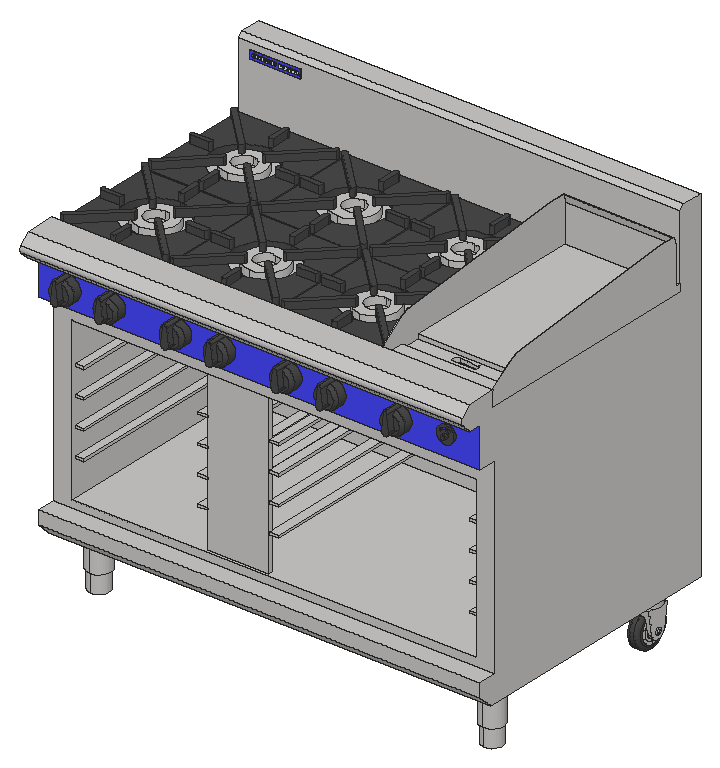
Revit family "QF_MOFFAT_BLUESEAL_CE_G518C-CB", category Specialty Equipment, Revit 2012 (continued)
Definition of nested family "WALDORF LOGO_FACE BASE"
  Forms (mm)
    Extrusion 3, solid, material "QF_Finishes_White", visible <- "Show Logo"
      sketch origin (0, -33.217, 1.588) x (1, 0, 0) y (0, 1, 0)
        loop
          arc (23.862, 22.436) -> (24.723, 23.298) -> (23.862, 24.159) r 0.861
          line (23.862, 24.159) -> (21.449, 24.159)
        loop
          line (21.449, 20.244) -> (21.449, 18.522) -> (23.862, 18.522)
          arc (23.862, 18.522) -> (24.723, 19.383) -> (23.862, 20.244) r 0.861
          line (23.862, 20.244) -> (21.449, 20.244)
      from 0 to 0.2
    Extrusion 4, solid, material "QF_Finishes_Blue", visible <- "Show Logo"
      sketch origin (-126.498, -31.09, 1.588) x (1, 0, 0) y (0, 1, 0)
        loop
          line (136.738, 23.522) -> (136.738, 15.1)
          arc (136.738, 15.1) -> (140.756, 19.311) -> (136.738, 23.522) r 4.216
      from 0 to 0.2
    Extrusion 5, solid, material "QF_Finishes_Red", visible <- "Show Logo"
      sketch origin (146.849, -31.09, 1.588) x (-1, 0, 0) y (0, -1, 0)
        loop
          arc (136.738, -23.522) -> (140.756, -19.311) -> (136.738, -15.1) r 4.216
          line (136.738, -15.1) -> (136.738, -23.522)
      from 0 to 0.2
  Lines and regions (mm)
    Split face 1
      outline origin (-90.35, -30.793, 1.588) x (1, 0, 0) y (0, 1, 0)
        loop
          circle (100.54, 19.013) r 4.536
  Dimensions and locks
    aligned and locked: plane 2 to Extrusion 1
    aligned and locked: level to Extrusion 1
Definition of nested family "GAS BURNER 900 & GRIDDLE 300"
  Parameters (values of type "GAS BURNER 900 & GRIDDLE 300")
    Width [instance] = 1200.0 mm
    Weight in Pounds = 0
    URL Cutsheet = ""
    Type Mark [instance] = ""
    Status [instance] = ""
    Specification by User [instance] = ""
    Specification by Manufacturer = ""
    Serial Number = ""
    Seismic Rating = ""
    SMACNA No = ""
    Revision Code [instance] = ""
    Omniclass Number and Title = ""
    NAFEM Spec ID Number = ""
    Masterspec = ""
    Item Number [instance] = ""
    Installed By [instance] = ""
    Identify Quantity as Lot [instance] = yes
    Furnished By [instance] = ""
    Foodservice Equipment Identifier [instance] = yes
    Depth [instance] = 635.0 mm
    CSI MasterFormat = ""
    CSI Master Format = ""
  Reference planes
    plane 1 "BACK": y = 0
    plane 2: z = 0
    plane 3 "LEFT": x = 0
    plane 4 "RIGHT": x = 1200
    plane 5 "FRONT": y = -635
    plane 6 "TOP": z = 142.5
    plane 7 "Center Y": x = 600
    plane 8 "Center X": y = -317.5
  Dimensions and locks
    equal spacing: plane 3 "LEFT", plane 7 "Center Y", plane 4 "RIGHT"
    "Width": plane 3 "LEFT" to plane 4 "RIGHT"
    equal spacing: plane 5 "FRONT", plane 8 "Center X", plane 1 "BACK"
    "Depth": plane 5 "FRONT" to plane 1 "BACK"
    aligned and locked: level to plane 2
  Nested families
    nested 1: "GAS BURNER 900" at (-1, 0, 0), type "GAS BURNER 900"
      with Width 900.0 mm, Type Mark "", Status "", Specification by User "", Revision Code "", Item Number "", Installed By "", Identify Quantity as Lot yes, Furnished By "", Foodservice Equipment Identifier yes, Depth 635.0 mm
    nested 2: "GAS GRIDDLE PLATE 600" at (900, -15, 0), type "GAS GRIDDLE PLATE 600"
      with Width 300.0 mm, Type Mark "", Status "", Specification by User "", Revision Code "", Item Number "", Installed By "", Identify Quantity as Lot yes, Furnished By "", Foodservice Equipment Identifier yes, Depth 620.0 mm
  Definition of nested family "GAS BURNER 900"
    Parameters (values of type "GAS BURNER 900")
      Width [instance] = 900.0 mm
      Weight in Pounds = 0
      URL Cutsheet = ""
      Type Mark [instance] = ""
      Status [instance] = ""
      Specification by User [instance] = ""
      Specification by Manufacturer = ""
      Serial Number = ""
      Seismic Rating = ""
      SMACNA No = ""
      Revision Code [instance] = ""
      Omniclass Number and Title = ""
      NAFEM Spec ID Number = ""
      Masterspec = ""
      Item Number [instance] = ""
      Installed By [instance] = ""
      Identify Quantity as Lot [instance] = yes
      Furnished By [instance] = ""
      Foodservice Equipment Identifier [instance] = yes
      Depth [instance] = 635.0 mm
      CSI MasterFormat = ""
      CSI Master Format = ""
    Reference planes
      plane 1 "BACK": y = 0
      plane 2: z = 0
      plane 3 "LEFT": x = 0
      plane 4 "RIGHT": x = 900
      plane 5 "FRONT": y = -635
      plane 6 "TOP": z = 142.5
      plane 7 "Center Y": x = 450
      plane 8 "Center X": y = -317.5
    Forms (mm)
      Extrusion 1, solid, material "QF_Finishes_Black"
        sketch origin (0, 0, 0) x (0, -1, 0) y (1, 0, 0)
          loop
            line (318.5, 4) -> (318.5, 296)
            arc (318.5, 296) -> (317.621, 298.121) -> (315.5, 299) r 3
            line (315.5, 299) -> (3, 299)
            arc (3, 299) -> (0.879, 298.121) -> (0, 296) r 3
            line (0, 296) -> (0, 4)
            arc (0, 4) -> (0.879, 1.879) -> (3, 1) r 3
            line (3, 1) -> (315.5, 1)
            arc (315.5, 1) -> (317.621, 1.879) -> (318.5, 4) r 3
          loop
            line (324.5, 1) -> (632, 1)
            arc (632, 1) -> (634.121, 1.879) -> (635, 4) r 3
            line (635, 4) -> (635, 296)
            arc (635, 296) -> (634.121, 298.121) -> (632, 299) r 3
            line (632, 299) -> (324.5, 299)
            arc (324.5, 299) -> (322.379, 298.121) -> (321.5, 296) r 3
            line (321.5, 296) -> (321.5, 4)
            arc (321.5, 4) -> (322.379, 1.879) -> (324.5, 1) r 3
          loop
            circle (168.5, 149.991) r 84.082
          loop
            circle (468.5, 149.991) r 84.082
        from 0 to 19.5
      Extrusion 2, solid, material "QF_Finishes_Black"
        sketch origin (0, 0, 19.5) x (0, -1, 0) y (1, 0, 0)
          loop
            spline (326.102, 15.153) -> (325.181, 13.924) -> (324.631, 12.47) -> (324.49, 10.89) -> (324.767, 9.292) -> (325.443, 7.786) -> (326.473, 6.473) -> (327.786, 5.443) -> (329.292, 4.767) -> (330.89, 4.49) -> (332.47, 4.631) -> (333.924, 5.181) -> (335.153, 6.102)
            line (335.153, 6.102) -> (443.076, 114.025)
            spline (443.076, 114.025) -> (443.837, 115.095) -> (444.238, 116.399) -> (444.251, 117.851) -> (443.875, 119.35) -> (443.137, 120.795) -> (442.086, 122.086) -> (440.795, 123.137) -> (439.35, 123.875) -> (437.851, 124.251) -> (436.399, 124.238) -> (435.095, 123.837) -> (434.025, 123.076)
            line (434.025, 123.076) -> (326.102, 15.153)
          loop
            spline (328.898, 156.4) -> (327.604, 156.182) -> (326.398, 155.543) -> (325.362, 154.525) -> (324.568, 153.2) -> (324.068, 151.656) -> (323.898, 150) -> (324.068, 148.344) -> (324.568, 146.8) -> (325.362, 145.475) -> (326.398, 144.457) -> (327.604, 143.818) -> (328.898, 143.6)
            line (328.898, 143.6) -> (378.102, 143.6)
            spline (378.102, 143.6) -> (379.396, 143.818) -> (380.602, 144.457) -> (381.638, 145.475) -> (382.432, 146.8) -> (382.932, 148.344) -> (383.102, 150) -> (382.932, 151.656) -> (382.432, 153.2) -> (381.638, 154.525) -> (380.602, 155.543) -> (379.396, 156.182) -> (378.102, 156.4)
            line (378.102, 156.4) -> (328.898, 156.4)
          loop
            spline (335.153, 293.898) -> (334.084, 294.659) -> (332.779, 295.059) -> (331.328, 295.072) -> (329.829, 294.697) -> (328.384, 293.959) -> (327.092, 292.908) -> (326.041, 291.616) -> (325.303, 290.171) -> (324.928, 288.672) -> (324.941, 287.221) -> (325.341, 285.916) -> (326.102, 284.847)
            line (326.102, 284.847) -> (434.025, 176.924)
            spline (434.025, 176.924) -> (435.095, 176.163) -> (436.399, 175.762) -> (437.851, 175.749) -> (439.35, 176.125) -> (440.795, 176.863) -> (442.086, 177.914) -> (443.137, 179.205) -> (443.875, 180.65) -> (444.251, 182.149) -> (444.238, 183.601) -> (443.837, 184.905) -> (443.076, 185.975)
            line (443.076, 185.975) -> (335.153, 293.898)
          loop
            line (463.6, 291.102) -> (463.6, 241.898)
            spline (463.6, 241.898) -> (463.818, 240.604) -> (464.457, 239.398) -> (465.475, 238.362) -> (466.8, 237.568) -> (468.344, 237.068) -> (470, 236.898) -> (471.656, 237.068) -> (473.2, 237.568) -> (474.525, 238.362) -> (475.543, 239.398) -> (476.182, 240.604) -> (476.4, 241.898)
            line (476.4, 241.898) -> (476.4, 291.102)
            spline (476.4, 291.102) -> (476.182, 292.396) -> (475.543, 293.602) -> (474.525, 294.638) -> (473.2, 295.432) -> (471.656, 295.932) -> (470, 296.102) -> (468.344, 295.932) -> (466.8, 295.432) -> (465.475, 294.638) -> (464.457, 293.602) -> (463.818, 292.396) -> (463.6, 291.102)
          loop
            spline (612.398, 284.847) -> (613.159, 285.916) -> (613.559, 287.221) -> (613.572, 288.672) -> (613.197, 290.171) -> (612.459, 291.616) -> (611.408, 292.908) -> (610.116, 293.959) -> (608.671, 294.697) -> (607.172, 295.072) -> (605.721, 295.059) -> (604.416, 294.659) -> (603.347, 293.898)
            line (603.347, 293.898) -> (496.924, 185.975)
            spline (496.924, 185.975) -> (496.163, 184.905) -> (495.762, 183.601) -> (495.749, 182.149) -> (496.125, 180.65) -> (496.863, 179.205) -> (497.914, 177.914) -> (499.205, 176.863) -> (500.65, 176.125) -> (502.149, 175.749) -> (503.601, 175.762) -> (504.905, 176.163) -> (505.975, 176.924)
            line (505.975, 176.924) -> (612.398, 284.847)
          loop
            spline (609.602, 143.6) -> (610.896, 143.818) -> (612.102, 144.457) -> (613.138, 145.475) -> (613.932, 146.8) -> (614.432, 148.344) -> (614.602, 150) -> (614.432, 151.656) -> (613.932, 153.2) -> (613.138, 154.525) -> (612.102, 155.543) -> (610.896, 156.182) -> (609.602, 156.4)
            line (609.602, 156.4) -> (561.898, 156.4)
            spline (561.898, 156.4) -> (560.604, 156.182) -> (559.398, 155.543) -> (558.362, 154.525) -> (557.568, 153.2) -> (557.068, 151.656) -> (556.898, 150) -> (557.068, 148.344) -> (557.568, 146.8) -> (558.362, 145.475) -> (559.398, 144.457) -> (560.604, 143.818) -> (561.898, 143.6)
            line (561.898, 143.6) -> (609.602, 143.6)
          loop
            line (612.398, 15.153) -> (505.975, 123.076)
            spline (505.975, 123.076) -> (504.905, 123.837) -> (503.601, 124.238) -> (502.149, 124.251) -> (500.65, 123.875) -> (499.205, 123.137) -> (497.914, 122.086) -> (496.863, 120.795) -> (496.125, 119.35) -> (495.749, 117.851) -> (495.762, 116.399) -> (496.163, 115.095) -> (496.924, 114.025)
            line (496.924, 114.025) -> (603.347, 6.102)
            spline (603.347, 6.102) -> (604.416, 5.341) -> (605.721, 4.941) -> (607.172, 4.928) -> (608.671, 5.303) -> (610.116, 6.041) -> (611.408, 7.092) -> (612.459, 8.384) -> (613.197, 9.829) -> (613.572, 11.328) -> (613.559, 12.779) -> (613.159, 14.084) -> (612.398, 15.153)
          loop
            line (476.4, 8.898) -> (476.4, 58.102)
            spline (476.4, 58.102) -> (476.182, 59.396) -> (475.543, 60.602) -> (474.525, 61.638) -> (473.2, 62.432) -> (471.656, 62.932) -> (470, 63.102) -> (468.344, 62.932) -> (466.8, 62.432) -> (465.475, 61.638) -> (464.457, 60.602) -> (463.818, 59.396) -> (463.6, 58.102)
            line (463.6, 58.102) -> (463.6, 8.898)
            spline (463.6, 8.898) -> (463.818, 7.604) -> (464.457, 6.398) -> (465.475, 5.362) -> (466.8, 4.568) -> (468.344, 4.068) -> (470, 3.898) -> (471.656, 4.068) -> (473.2, 4.568) -> (474.525, 5.362) -> (475.543, 6.398) -> (476.182, 7.604) -> (476.4, 8.898)
          loop
            spline (22.602, 15.153) -> (21.681, 13.924) -> (21.131, 12.47) -> (20.99, 10.89) -> (21.267, 9.292) -> (21.943, 7.786) -> (22.973, 6.473) -> (24.286, 5.443) -> (25.792, 4.767) -> (27.39, 4.49) -> (28.97, 4.631) -> (30.424, 5.181) -> (31.653, 6.102)
            line (31.653, 6.102) -> (139.576, 114.025)
            spline (139.576, 114.025) -> (140.337, 115.095) -> (140.738, 116.399) -> (140.751, 117.851) -> (140.375, 119.35) -> (139.637, 120.795) -> (138.586, 122.086) -> (137.295, 123.137) -> (135.85, 123.875) -> (134.351, 124.251) -> (132.899, 124.238) -> (131.595, 123.837) -> (130.525, 123.076)
            line (130.525, 123.076) -> (22.602, 15.153)
          loop
            spline (25.398, 156.4) -> (24.104, 156.182) -> (22.898, 155.543) -> (21.862, 154.525) -> (21.068, 153.2) -> (20.568, 151.656) -> (20.398, 150) -> (20.568, 148.344) -> (21.068, 146.8) -> (21.862, 145.475) -> (22.898, 144.457) -> (24.104, 143.818) -> (25.398, 143.6)
            line (25.398, 143.6) -> (74.602, 143.6)
            spline (74.602, 143.6) -> (75.896, 143.818) -> (77.102, 144.457) -> (78.138, 145.475) -> (78.932, 146.8) -> (79.432, 148.344) -> (79.602, 150) -> (79.432, 151.656) -> (78.932, 153.2) -> (78.138, 154.525) -> (77.102, 155.543) -> (75.896, 156.182) -> (74.602, 156.4)
            line (74.602, 156.4) -> (25.398, 156.4)
          loop
            spline (31.653, 293.898) -> (30.584, 294.659) -> (29.279, 295.059) -> (27.828, 295.072) -> (26.329, 294.697) -> (24.884, 293.959) -> (23.592, 292.908) -> (22.541, 291.616) -> (21.803, 290.171) -> (21.428, 288.672) -> (21.441, 287.221) -> (21.841, 285.916) -> (22.602, 284.847)
            line (22.602, 284.847) -> (130.525, 176.924)
            spline (130.525, 176.924) -> (131.595, 176.163) -> (132.899, 175.762) -> (134.351, 175.749) -> (135.85, 176.125) -> (137.295, 176.863) -> (138.586, 177.914) -> (139.637, 179.205) -> (140.375, 180.65) -> (140.751, 182.149) -> (140.738, 183.601) -> (140.337, 184.905) -> (139.576, 185.975)
            line (139.576, 185.975) -> (31.653, 293.898)
          loop
            line (160.1, 291.102) -> (160.1, 241.898)
            spline (160.1, 241.898) -> (160.318, 240.604) -> (160.957, 239.398) -> (161.975, 238.362) -> (163.3, 237.568) -> (164.844, 237.068) -> (166.5, 236.898) -> (168.156, 237.068) -> (169.7, 237.568) -> (171.025, 238.362) -> (172.043, 239.398) -> (172.682, 240.604) -> (172.9, 241.898)
            line (172.9, 241.898) -> (172.9, 291.102)
            spline (172.9, 291.102) -> (172.682, 292.396) -> (172.043, 293.602) -> (171.025, 294.638) -> (169.7, 295.432) -> (168.156, 295.932) -> (166.5, 296.102) -> (164.844, 295.932) -> (163.3, 295.432) -> (161.975, 294.638) -> (160.957, 293.602) -> (160.318, 292.396) -> (160.1, 291.102)
          loop
            spline (313.898, 284.847) -> (314.659, 285.916) -> (315.059, 287.221) -> (315.072, 288.672) -> (314.697, 290.171) -> (313.959, 291.616) -> (312.908, 292.908) -> (311.616, 293.959) -> (310.171, 294.697) -> (308.672, 295.072) -> (307.221, 295.059) -> (305.916, 294.659) -> (304.847, 293.898)
            line (304.847, 293.898) -> (193.424, 185.975)
            spline (193.424, 185.975) -> (192.663, 184.905) -> (192.262, 183.601) -> (192.249, 182.149) -> (192.625, 180.65) -> (193.363, 179.205) -> (194.414, 177.914) -> (195.705, 176.863) -> (197.15, 176.125) -> (198.649, 175.749) -> (200.101, 175.762) -> (201.405, 176.163) -> (202.475, 176.924)
            line (202.475, 176.924) -> (313.898, 284.847)
          loop
            spline (311.102, 143.6) -> (312.396, 143.818) -> (313.602, 144.457) -> (314.638, 145.475) -> (315.432, 146.8) -> (315.932, 148.344) -> (316.102, 150) -> (315.932, 151.656) -> (315.432, 153.2) -> (314.638, 154.525) -> (313.602, 155.543) -> (312.396, 156.182) -> (311.102, 156.4)
            line (311.102, 156.4) -> (261.898, 156.4)
            spline (261.898, 156.4) -> (260.604, 156.182) -> (259.398, 155.543) -> (258.362, 154.525) -> (257.568, 153.2) -> (257.068, 151.656) -> (256.898, 150) -> (257.068, 148.344) -> (257.568, 146.8) -> (258.362, 145.475) -> (259.398, 144.457) -> (260.604, 143.818) -> (261.898, 143.6)
            line (261.898, 143.6) -> (311.102, 143.6)
          loop
            line (313.898, 15.153) -> (202.475, 123.076)
            spline (202.475, 123.076) -> (201.405, 123.837) -> (200.101, 124.238) -> (198.649, 124.251) -> (197.15, 123.875) -> (195.705, 123.137) -> (194.414, 122.086) -> (193.363, 120.795) -> (192.625, 119.35) -> (192.249, 117.851) -> (192.262, 116.399) -> (192.663, 115.095) -> (193.424, 114.025)
            line (193.424, 114.025) -> (304.847, 6.102)
            spline (304.847, 6.102) -> (305.916, 5.341) -> (307.221, 4.941) -> (308.672, 4.928) -> (310.171, 5.303) -> (311.616, 6.041) -> (312.908, 7.092) -> (313.959, 8.384) -> (314.697, 9.829) -> (315.072, 11.328) -> (315.059, 12.779) -> (314.659, 14.084) -> (313.898, 15.153)
          loop
            line (172.9, 8.898) -> (172.9, 58.102)
            spline (172.9, 58.102) -> (172.682, 59.396) -> (172.043, 60.602) -> (171.025, 61.638) -> (169.7, 62.432) -> (168.156, 62.932) -> (166.5, 63.102) -> (164.844, 62.932) -> (163.3, 62.432) -> (161.975, 61.638) -> (160.957, 60.602) -> (160.318, 59.396) -> (160.1, 58.102)
            line (160.1, 58.102) -> (160.1, 8.898)
            spline (160.1, 8.898) -> (160.318, 7.604) -> (160.957, 6.398) -> (161.975, 5.362) -> (163.3, 4.568) -> (164.844, 4.068) -> (166.5, 3.898) -> (168.156, 4.068) -> (169.7, 4.568) -> (171.025, 5.362) -> (172.043, 6.398) -> (172.682, 7.604) -> (172.9, 8.898)
        from 0 to 20.5
      Extrusion 3, solid, material "QF_Finishes_Stainless Steel"
        sketch origin (0, -15.098, 0) x (0, -1, 0) y (1, 0, 0)
          loop
            circle (151.402, 150) r 57
          loop
            circle (451.402, 150) r 57
          loop
            circle (151.402, 150) r 30
          loop
            circle (451.402, 150) r 30
        from 0 to 20
      Extrusion 4, solid, material "QF_Finishes_Black"
        sketch origin (600, 0, 0) x (0, -1, 0) y (1, 0, 0)
          loop
            arc (318.5, -4) -> (317.621, -1.879) -> (315.5, -1) r 3
            line (315.5, -1) -> (3, -1)
            arc (3, -1) -> (0.879, -1.879) -> (0, -4) r 3
            line (0, -4) -> (0, -296)
            arc (0, -296) -> (0.879, -298.121) -> (3, -299) r 3
            line (3, -299) -> (315.5, -299)
            arc (315.5, -299) -> (317.621, -298.121) -> (318.5, -296) r 3
            line (318.5, -296) -> (318.5, -4)
          loop
            arc (324.5, -1) -> (322.379, -1.879) -> (321.5, -4) r 3
            line (321.5, -4) -> (321.5, -296)
            arc (321.5, -296) -> (322.379, -298.121) -> (324.5, -299) r 3
            line (324.5, -299) -> (632, -299)
            arc (632, -299) -> (634.121, -298.121) -> (635, -296) r 3
            line (635, -296) -> (635, -4)
            arc (635, -4) -> (634.121, -1.879) -> (632, -1) r 3
            line (632, -1) -> (324.5, -1)
          loop
            circle (168.5, -149.991) r 84.082
          loop
            circle (468.5, -149.991) r 84.082
        from 0 to 19.5
      Extrusion 5, solid, material "QF_Finishes_Black"
        sketch origin (600, 0, 19.5) x (0, -1, 0) y (1, 0, 0)
          loop
            line (326.102, -15.153) -> (434.025, -123.076)
            spline (434.025, -123.076) -> (435.095, -123.837) -> (436.399, -124.238) -> (437.851, -124.251) -> (439.35, -123.875) -> (440.795, -123.137) -> (442.086, -122.086) -> (443.137, -120.795) -> (443.875, -119.35) -> (444.251, -117.851) -> (444.238, -116.399) -> (443.837, -115.095) -> (443.076, -114.025)
            line (443.076, -114.025) -> (335.153, -6.102)
            spline (335.153, -6.102) -> (333.924, -5.181) -> (332.47, -4.631) -> (330.89, -4.49) -> (329.292, -4.767) -> (327.786, -5.443) -> (326.473, -6.473) -> (325.443, -7.786) -> (324.767, -9.292) -> (324.49, -10.89) -> (324.631, -12.47) -> (325.181, -13.924) -> (326.102, -15.153)
          loop
            line (328.898, -156.4) -> (378.102, -156.4)
            spline (378.102, -156.4) -> (379.396, -156.182) -> (380.602, -155.543) -> (381.638, -154.525) -> (382.432, -153.2) -> (382.932, -151.656) -> (383.102, -150) -> (382.932, -148.344) -> (382.432, -146.8) -> (381.638, -145.475) -> (380.602, -144.457) -> (379.396, -143.818) -> (378.102, -143.6)
            line (378.102, -143.6) -> (328.898, -143.6)
            spline (328.898, -143.6) -> (327.604, -143.818) -> (326.398, -144.457) -> (325.362, -145.475) -> (324.568, -146.8) -> (324.068, -148.344) -> (323.898, -150) -> (324.068, -151.656) -> (324.568, -153.2) -> (325.362, -154.525) -> (326.398, -155.543) -> (327.604, -156.182) -> (328.898, -156.4)
          loop
            line (335.153, -293.898) -> (443.076, -185.975)
            spline (443.076, -185.975) -> (443.837, -184.905) -> (444.238, -183.601) -> (444.251, -182.149) -> (443.875, -180.65) -> (443.137, -179.205) -> (442.086, -177.914) -> (440.795, -176.863) -> (439.35, -176.125) -> (437.851, -175.749) -> (436.399, -175.762) -> (435.095, -176.163) -> (434.025, -176.924)
            line (434.025, -176.924) -> (326.102, -284.847)
            spline (326.102, -284.847) -> (325.341, -285.916) -> (324.941, -287.221) -> (324.928, -288.672) -> (325.303, -290.171) -> (326.041, -291.616) -> (327.092, -292.908) -> (328.384, -293.959) -> (329.829, -294.697) -> (331.328, -295.072) -> (332.779, -295.059) -> (334.084, -294.659) -> (335.153, -293.898)
          loop
            spline (463.6, -291.102) -> (463.818, -292.396) -> (464.457, -293.602) -> (465.475, -294.638) -> (466.8, -295.432) -> (468.344, -295.932) -> (470, -296.102) -> (471.656, -295.932) -> (473.2, -295.432) -> (474.525, -294.638) -> (475.543, -293.602) -> (476.182, -292.396) -> (476.4, -291.102)
            line (476.4, -291.102) -> (476.4, -241.898)
            spline (476.4, -241.898) -> (476.182, -240.604) -> (475.543, -239.398) -> (474.525, -238.362) -> (473.2, -237.568) -> (471.656, -237.068) -> (470, -236.898) -> (468.344, -237.068) -> (466.8, -237.568) -> (465.475, -238.362) -> (464.457, -239.398) -> (463.818, -240.604) -> (463.6, -241.898)
            line (463.6, -241.898) -> (463.6, -291.102)
          loop
            line (612.398, -284.847) -> (505.975, -176.924)
            spline (505.975, -176.924) -> (504.905, -176.163) -> (503.601, -175.762) -> (502.149, -175.749) -> (500.65, -176.125) -> (499.205, -176.863) -> (497.914, -177.914) -> (496.863, -179.205) -> (496.125, -180.65) -> (495.749, -182.149) -> (495.762, -183.601) -> (496.163, -184.905) -> (496.924, -185.975)
            line (496.924, -185.975) -> (603.347, -293.898)
            spline (603.347, -293.898) -> (604.416, -294.659) -> (605.721, -295.059) -> (607.172, -295.072) -> (608.671, -294.697) -> (610.116, -293.959) -> (611.408, -292.908) -> (612.459, -291.616) -> (613.197, -290.171) -> (613.572, -288.672) -> (613.559, -287.221) -> (613.159, -285.916) -> (612.398, -284.847)
          loop
            line (609.602, -143.6) -> (561.898, -143.6)
            spline (561.898, -143.6) -> (560.604, -143.818) -> (559.398, -144.457) -> (558.362, -145.475) -> (557.568, -146.8) -> (557.068, -148.344) -> (556.898, -150) -> (557.068, -151.656) -> (557.568, -153.2) -> (558.362, -154.525) -> (559.398, -155.543) -> (560.604, -156.182) -> (561.898, -156.4)
            line (561.898, -156.4) -> (609.602, -156.4)
            spline (609.602, -156.4) -> (610.896, -156.182) -> (612.102, -155.543) -> (613.138, -154.525) -> (613.932, -153.2) -> (614.432, -151.656) -> (614.602, -150) -> (614.432, -148.344) -> (613.932, -146.8) -> (613.138, -145.475) -> (612.102, -144.457) -> (610.896, -143.818) -> (609.602, -143.6)
          loop
            spline (612.398, -15.153) -> (613.159, -14.084) -> (613.559, -12.779) -> (613.572, -11.328) -> (613.197, -9.829) -> (612.459, -8.384) -> (611.408, -7.092) -> (610.116, -6.041) -> (608.671, -5.303) -> (607.172, -4.928) -> (605.721, -4.941) -> (604.416, -5.341) -> (603.347, -6.102)
            line (603.347, -6.102) -> (496.924, -114.025)
            spline (496.924, -114.025) -> (496.163, -115.095) -> (495.762, -116.399) -> (495.749, -117.851) -> (496.125, -119.35) -> (496.863, -120.795) -> (497.914, -122.086) -> (499.205, -123.137) -> (500.65, -123.875) -> (502.149, -124.251) -> (503.601, -124.238) -> (504.905, -123.837) -> (505.975, -123.076)
            line (505.975, -123.076) -> (612.398, -15.153)
          loop
            spline (476.4, -8.898) -> (476.182, -7.604) -> (475.543, -6.398) -> (474.525, -5.362) -> (473.2, -4.568) -> (471.656, -4.068) -> (470, -3.898) -> (468.344, -4.068) -> (466.8, -4.568) -> (465.475, -5.362) -> (464.457, -6.398) -> (463.818, -7.604) -> (463.6, -8.898)
            line (463.6, -8.898) -> (463.6, -58.102)
            spline (463.6, -58.102) -> (463.818, -59.396) -> (464.457, -60.602) -> (465.475, -61.638) -> (466.8, -62.432) -> (468.344, -62.932) -> (470, -63.102) -> (471.656, -62.932) -> (473.2, -62.432) -> (474.525, -61.638) -> (475.543, -60.602) -> (476.182, -59.396) -> (476.4, -58.102)
            line (476.4, -58.102) -> (476.4, -8.898)
          loop
            line (22.602, -15.153) -> (130.525, -123.076)
            spline (130.525, -123.076) -> (131.595, -123.837) -> (132.899, -124.238) -> (134.351, -124.251) -> (135.85, -123.875) -> (137.295, -123.137) -> (138.586, -122.086) -> (139.637, -120.795) -> (140.375, -119.35) -> (140.751, -117.851) -> (140.738, -116.399) -> (140.337, -115.095) -> (139.576, -114.025)
            line (139.576, -114.025) -> (31.653, -6.102)
            spline (31.653, -6.102) -> (30.424, -5.181) -> (28.97, -4.631) -> (27.39, -4.49) -> (25.792, -4.767) -> (24.286, -5.443) -> (22.973, -6.473) -> (21.943, -7.786) -> (21.267, -9.292) -> (20.99, -10.89) -> (21.131, -12.47) -> (21.681, -13.924) -> (22.602, -15.153)
          loop
            line (25.398, -156.4) -> (74.602, -156.4)
            spline (74.602, -156.4) -> (75.896, -156.182) -> (77.102, -155.543) -> (78.138, -154.525) -> (78.932, -153.2) -> (79.432, -151.656) -> (79.602, -150) -> (79.432, -148.344) -> (78.932, -146.8) -> (78.138, -145.475) -> (77.102, -144.457) -> (75.896, -143.818) -> (74.602, -143.6)
            line (74.602, -143.6) -> (25.398, -143.6)
            spline (25.398, -143.6) -> (24.104, -143.818) -> (22.898, -144.457) -> (21.862, -145.475) -> (21.068, -146.8) -> (20.568, -148.344) -> (20.398, -150) -> (20.568, -151.656) -> (21.068, -153.2) -> (21.862, -154.525) -> (22.898, -155.543) -> (24.104, -156.182) -> (25.398, -156.4)
          loop
            line (31.653, -293.898) -> (139.576, -185.975)
            spline (139.576, -185.975) -> (140.337, -184.905) -> (140.738, -183.601) -> (140.751, -182.149) -> (140.375, -180.65) -> (139.637, -179.205) -> (138.586, -177.914) -> (137.295, -176.863) -> (135.85, -176.125) -> (134.351, -175.749) -> (132.899, -175.762) -> (131.595, -176.163) -> (130.525, -176.924)
            line (130.525, -176.924) -> (22.602, -284.847)
            spline (22.602, -284.847) -> (21.841, -285.916) -> (21.441, -287.221) -> (21.428, -288.672) -> (21.803, -290.171) -> (22.541, -291.616) -> (23.592, -292.908) -> (24.884, -293.959) -> (26.329, -294.697) -> (27.828, -295.072) -> (29.279, -295.059) -> (30.584, -294.659) -> (31.653, -293.898)
          loop
            spline (160.1, -291.102) -> (160.318, -292.396) -> (160.957, -293.602) -> (161.975, -294.638) -> (163.3, -295.432) -> (164.844, -295.932) -> (166.5, -296.102) -> (168.156, -295.932) -> (169.7, -295.432) -> (171.025, -294.638) -> (172.043, -293.602) -> (172.682, -292.396) -> (172.9, -291.102)
            line (172.9, -291.102) -> (172.9, -241.898)
            spline (172.9, -241.898) -> (172.682, -240.604) -> (172.043, -239.398) -> (171.025, -238.362) -> (169.7, -237.568) -> (168.156, -237.068) -> (166.5, -236.898) -> (164.844, -237.068) -> (163.3, -237.568) -> (161.975, -238.362) -> (160.957, -239.398) -> (160.318, -240.604) -> (160.1, -241.898)
            line (160.1, -241.898) -> (160.1, -291.102)
          loop
            line (313.898, -284.847) -> (202.475, -176.924)
            spline (202.475, -176.924) -> (201.405, -176.163) -> (200.101, -175.762) -> (198.649, -175.749) -> (197.15, -176.125) -> (195.705, -176.863) -> (194.414, -177.914) -> (193.363, -179.205) -> (192.625, -180.65) -> (192.249, -182.149) -> (192.262, -183.601) -> (192.663, -184.905) -> (193.424, -185.975)
            line (193.424, -185.975) -> (304.847, -293.898)
            spline (304.847, -293.898) -> (305.916, -294.659) -> (307.221, -295.059) -> (308.672, -295.072) -> (310.171, -294.697) -> (311.616, -293.959) -> (312.908, -292.908) -> (313.959, -291.616) -> (314.697, -290.171) -> (315.072, -288.672) -> (315.059, -287.221) -> (314.659, -285.916) -> (313.898, -284.847)
          loop
            line (311.102, -143.6) -> (261.898, -143.6)
            spline (261.898, -143.6) -> (260.604, -143.818) -> (259.398, -144.457) -> (258.362, -145.475) -> (257.568, -146.8) -> (257.068, -148.344) -> (256.898, -150) -> (257.068, -151.656) -> (257.568, -153.2) -> (258.362, -154.525) -> (259.398, -155.543) -> (260.604, -156.182) -> (261.898, -156.4)
            line (261.898, -156.4) -> (311.102, -156.4)
            spline (311.102, -156.4) -> (312.396, -156.182) -> (313.602, -155.543) -> (314.638, -154.525) -> (315.432, -153.2) -> (315.932, -151.656) -> (316.102, -150) -> (315.932, -148.344) -> (315.432, -146.8) -> (314.638, -145.475) -> (313.602, -144.457) -> (312.396, -143.818) -> (311.102, -143.6)
          loop
            spline (313.898, -15.153) -> (314.659, -14.084) -> (315.059, -12.779) -> (315.072, -11.328) -> (314.697, -9.829) -> (313.959, -8.384) -> (312.908, -7.092) -> (311.616, -6.041) -> (310.171, -5.303) -> (308.672, -4.928) -> (307.221, -4.941) -> (305.916, -5.341) -> (304.847, -6.102)
            line (304.847, -6.102) -> (193.424, -114.025)
            spline (193.424, -114.025) -> (192.663, -115.095) -> (192.262, -116.399) -> (192.249, -117.851) -> (192.625, -119.35) -> (193.363, -120.795) -> (194.414, -122.086) -> (195.705, -123.137) -> (197.15, -123.875) -> (198.649, -124.251) -> (200.101, -124.238) -> (201.405, -123.837) -> (202.475, -123.076)
            line (202.475, -123.076) -> (313.898, -15.153)
          loop
            spline (172.9, -8.898) -> (172.682, -7.604) -> (172.043, -6.398) -> (171.025, -5.362) -> (169.7, -4.568) -> (168.156, -4.068) -> (166.5, -3.898) -> (164.844, -4.068) -> (163.3, -4.568) -> (161.975, -5.362) -> (160.957, -6.398) -> (160.318, -7.604) -> (160.1, -8.898)
            line (160.1, -8.898) -> (160.1, -58.102)
            spline (160.1, -58.102) -> (160.318, -59.396) -> (160.957, -60.602) -> (161.975, -61.638) -> (163.3, -62.432) -> (164.844, -62.932) -> (166.5, -63.102) -> (168.156, -62.932) -> (169.7, -62.432) -> (171.025, -61.638) -> (172.043, -60.602) -> (172.682, -59.396) -> (172.9, -58.102)
            line (172.9, -58.102) -> (172.9, -8.898)
        from 0 to 20.5
      Extrusion 6, solid, material "QF_Finishes_Stainless Steel"
        sketch origin (600, -15.098, 0) x (0, -1, 0) y (1, 0, 0)
          loop
            circle (151.402, -150) r 57
          loop
            circle (451.402, -150) r 57
          loop
            circle (151.402, -150) r 30
          loop
            circle (451.402, -150) r 30
        from 0 to 20
      Extrusion 7, solid, material "QF_Finishes_Black"
        sketch origin (901, 0, 19.5) x (0, -1, 0) y (1, 0, 0)
          loop
            line (326.102, -15.153) -> (434.025, -123.076)
            spline (434.025, -123.076) -> (435.095, -123.837) -> (436.399, -124.238) -> (437.851, -124.251) -> (439.35, -123.875) -> (440.795, -123.137) -> (442.086, -122.086) -> (443.137, -120.795) -> (443.875, -119.35) -> (444.251, -117.851) -> (444.238, -116.399) -> (443.837, -115.095) -> (443.076, -114.025)
            line (443.076, -114.025) -> (335.153, -6.102)
            spline (335.153, -6.102) -> (333.924, -5.181) -> (332.47, -4.631) -> (330.89, -4.49) -> (329.292, -4.767) -> (327.786, -5.443) -> (326.473, -6.473) -> (325.443, -7.786) -> (324.767, -9.292) -> (324.49, -10.89) -> (324.631, -12.47) -> (325.181, -13.924) -> (326.102, -15.153)
          loop
            line (328.898, -156.4) -> (378.102, -156.4)
            spline (378.102, -156.4) -> (379.396, -156.182) -> (380.602, -155.543) -> (381.638, -154.525) -> (382.432, -153.2) -> (382.932, -151.656) -> (383.102, -150) -> (382.932, -148.344) -> (382.432, -146.8) -> (381.638, -145.475) -> (380.602, -144.457) -> (379.396, -143.818) -> (378.102, -143.6)
            line (378.102, -143.6) -> (328.898, -143.6)
            spline (328.898, -143.6) -> (327.604, -143.818) -> (326.398, -144.457) -> (325.362, -145.475) -> (324.568, -146.8) -> (324.068, -148.344) -> (323.898, -150) -> (324.068, -151.656) -> (324.568, -153.2) -> (325.362, -154.525) -> (326.398, -155.543) -> (327.604, -156.182) -> (328.898, -156.4)
          loop
            line (335.153, -293.898) -> (443.076, -185.975)
            spline (443.076, -185.975) -> (443.837, -184.905) -> (444.238, -183.601) -> (444.251, -182.149) -> (443.875, -180.65) -> (443.137, -179.205) -> (442.086, -177.914) -> (440.795, -176.863) -> (439.35, -176.125) -> (437.851, -175.749) -> (436.399, -175.762) -> (435.095, -176.163) -> (434.025, -176.924)
            line (434.025, -176.924) -> (326.102, -284.847)
            spline (326.102, -284.847) -> (325.341, -285.916) -> (324.941, -287.221) -> (324.928, -288.672) -> (325.303, -290.171) -> (326.041, -291.616) -> (327.092, -292.908) -> (328.384, -293.959) -> (329.829, -294.697) -> (331.328, -295.072) -> (332.779, -295.059) -> (334.084, -294.659) -> (335.153, -293.898)
          loop
            spline (463.6, -291.102) -> (463.818, -292.396) -> (464.457, -293.602) -> (465.475, -294.638) -> (466.8, -295.432) -> (468.344, -295.932) -> (470, -296.102) -> (471.656, -295.932) -> (473.2, -295.432) -> (474.525, -294.638) -> (475.543, -293.602) -> (476.182, -292.396) -> (476.4, -291.102)
            line (476.4, -291.102) -> (476.4, -241.898)
            spline (476.4, -241.898) -> (476.182, -240.604) -> (475.543, -239.398) -> (474.525, -238.362) -> (473.2, -237.568) -> (471.656, -237.068) -> (470, -236.898) -> (468.344, -237.068) -> (466.8, -237.568) -> (465.475, -238.362) -> (464.457, -239.398) -> (463.818, -240.604) -> (463.6, -241.898)
            line (463.6, -241.898) -> (463.6, -291.102)
          loop
            line (612.398, -284.847) -> (505.975, -176.924)
            spline (505.975, -176.924) -> (504.905, -176.163) -> (503.601, -175.762) -> (502.149, -175.749) -> (500.65, -176.125) -> (499.205, -176.863) -> (497.914, -177.914) -> (496.863, -179.205) -> (496.125, -180.65) -> (495.749, -182.149) -> (495.762, -183.601) -> (496.163, -184.905) -> (496.924, -185.975)
            line (496.924, -185.975) -> (603.347, -293.898)
            spline (603.347, -293.898) -> (604.416, -294.659) -> (605.721, -295.059) -> (607.172, -295.072) -> (608.671, -294.697) -> (610.116, -293.959) -> (611.408, -292.908) -> (612.459, -291.616) -> (613.197, -290.171) -> (613.572, -288.672) -> (613.559, -287.221) -> (613.159, -285.916) -> (612.398, -284.847)
          loop
            line (609.602, -143.6) -> (561.898, -143.6)
            spline (561.898, -143.6) -> (560.604, -143.818) -> (559.398, -144.457) -> (558.362, -145.475) -> (557.568, -146.8) -> (557.068, -148.344) -> (556.898, -150) -> (557.068, -151.656) -> (557.568, -153.2) -> (558.362, -154.525) -> (559.398, -155.543) -> (560.604, -156.182) -> (561.898, -156.4)
            line (561.898, -156.4) -> (609.602, -156.4)
            spline (609.602, -156.4) -> (610.896, -156.182) -> (612.102, -155.543) -> (613.138, -154.525) -> (613.932, -153.2) -> (614.432, -151.656) -> (614.602, -150) -> (614.432, -148.344) -> (613.932, -146.8) -> (613.138, -145.475) -> (612.102, -144.457) -> (610.896, -143.818) -> (609.602, -143.6)
          loop
            spline (612.398, -15.153) -> (613.159, -14.084) -> (613.559, -12.779) -> (613.572, -11.328) -> (613.197, -9.829) -> (612.459, -8.384) -> (611.408, -7.092) -> (610.116, -6.041) -> (608.671, -5.303) -> (607.172, -4.928) -> (605.721, -4.941) -> (604.416, -5.341) -> (603.347, -6.102)
            line (603.347, -6.102) -> (496.924, -114.025)
            spline (496.924, -114.025) -> (496.163, -115.095) -> (495.762, -116.399) -> (495.749, -117.851) -> (496.125, -119.35) -> (496.863, -120.795) -> (497.914, -122.086) -> (499.205, -123.137) -> (500.65, -123.875) -> (502.149, -124.251) -> (503.601, -124.238) -> (504.905, -123.837) -> (505.975, -123.076)
            line (505.975, -123.076) -> (612.398, -15.153)
          loop
            spline (476.4, -8.898) -> (476.182, -7.604) -> (475.543, -6.398) -> (474.525, -5.362) -> (473.2, -4.568) -> (471.656, -4.068) -> (470, -3.898) -> (468.344, -4.068) -> (466.8, -4.568) -> (465.475, -5.362) -> (464.457, -6.398) -> (463.818, -7.604) -> (463.6, -8.898)
            line (463.6, -8.898) -> (463.6, -58.102)
            spline (463.6, -58.102) -> (463.818, -59.396) -> (464.457, -60.602) -> (465.475, -61.638) -> (466.8, -62.432) -> (468.344, -62.932) -> (470, -63.102) -> (471.656, -62.932) -> (473.2, -62.432) -> (474.525, -61.638) -> (475.543, -60.602) -> (476.182, -59.396) -> (476.4, -58.102)
            line (476.4, -58.102) -> (476.4, -8.898)
          loop
            line (22.602, -15.153) -> (130.525, -123.076)
            spline (130.525, -123.076) -> (131.595, -123.837) -> (132.899, -124.238) -> (134.351, -124.251) -> (135.85, -123.875) -> (137.295, -123.137) -> (138.586, -122.086) -> (139.637, -120.795) -> (140.375, -119.35) -> (140.751, -117.851) -> (140.738, -116.399) -> (140.337, -115.095) -> (139.576, -114.025)
            line (139.576, -114.025) -> (31.653, -6.102)
            spline (31.653, -6.102) -> (30.424, -5.181) -> (28.97, -4.631) -> (27.39, -4.49) -> (25.792, -4.767) -> (24.286, -5.443) -> (22.973, -6.473) -> (21.943, -7.786) -> (21.267, -9.292) -> (20.99, -10.89) -> (21.131, -12.47) -> (21.681, -13.924) -> (22.602, -15.153)
          loop
            line (25.398, -156.4) -> (74.602, -156.4)
            spline (74.602, -156.4) -> (75.896, -156.182) -> (77.102, -155.543) -> (78.138, -154.525) -> (78.932, -153.2) -> (79.432, -151.656) -> (79.602, -150) -> (79.432, -148.344) -> (78.932, -146.8) -> (78.138, -145.475) -> (77.102, -144.457) -> (75.896, -143.818) -> (74.602, -143.6)
            line (74.602, -143.6) -> (25.398, -143.6)
            spline (25.398, -143.6) -> (24.104, -143.818) -> (22.898, -144.457) -> (21.862, -145.475) -> (21.068, -146.8) -> (20.568, -148.344) -> (20.398, -150) -> (20.568, -151.656) -> (21.068, -153.2) -> (21.862, -154.525) -> (22.898, -155.543) -> (24.104, -156.182) -> (25.398, -156.4)
          loop
            line (31.653, -293.898) -> (139.576, -185.975)
            spline (139.576, -185.975) -> (140.337, -184.905) -> (140.738, -183.601) -> (140.751, -182.149) -> (140.375, -180.65) -> (139.637, -179.205) -> (138.586, -177.914) -> (137.295, -176.863) -> (135.85, -176.125) -> (134.351, -175.749) -> (132.899, -175.762) -> (131.595, -176.163) -> (130.525, -176.924)
            line (130.525, -176.924) -> (22.602, -284.847)
            spline (22.602, -284.847) -> (21.841, -285.916) -> (21.441, -287.221) -> (21.428, -288.672) -> (21.803, -290.171) -> (22.541, -291.616) -> (23.592, -292.908) -> (24.884, -293.959) -> (26.329, -294.697) -> (27.828, -295.072) -> (29.279, -295.059) -> (30.584, -294.659) -> (31.653, -293.898)
          loop
            spline (160.1, -291.102) -> (160.318, -292.396) -> (160.957, -293.602) -> (161.975, -294.638) -> (163.3, -295.432) -> (164.844, -295.932) -> (166.5, -296.102) -> (168.156, -295.932) -> (169.7, -295.432) -> (171.025, -294.638) -> (172.043, -293.602) -> (172.682, -292.396) -> (172.9, -291.102)
            line (172.9, -291.102) -> (172.9, -241.898)
            spline (172.9, -241.898) -> (172.682, -240.604) -> (172.043, -239.398) -> (171.025, -238.362) -> (169.7, -237.568) -> (168.156, -237.068) -> (166.5, -236.898) -> (164.844, -237.068) -> (163.3, -237.568) -> (161.975, -238.362) -> (160.957, -239.398) -> (160.318, -240.604) -> (160.1, -241.898)
            line (160.1, -241.898) -> (160.1, -291.102)
          loop
            line (313.898, -284.847) -> (202.475, -176.924)
            spline (202.475, -176.924) -> (201.405, -176.163) -> (200.101, -175.762) -> (198.649, -175.749) -> (197.15, -176.125) -> (195.705, -176.863) -> (194.414, -177.914) -> (193.363, -179.205) -> (192.625, -180.65) -> (192.249, -182.149) -> (192.262, -183.601) -> (192.663, -184.905) -> (193.424, -185.975)
            line (193.424, -185.975) -> (304.847, -293.898)
            spline (304.847, -293.898) -> (305.916, -294.659) -> (307.221, -295.059) -> (308.672, -295.072) -> (310.171, -294.697) -> (311.616, -293.959) -> (312.908, -292.908) -> (313.959, -291.616) -> (314.697, -290.171) -> (315.072, -288.672) -> (315.059, -287.221) -> (314.659, -285.916) -> (313.898, -284.847)
          loop
            line (311.102, -143.6) -> (261.898, -143.6)
            spline (261.898, -143.6) -> (260.604, -143.818) -> (259.398, -144.457) -> (258.362, -145.475) -> (257.568, -146.8) -> (257.068, -148.344) -> (256.898, -150) -> (257.068, -151.656) -> (257.568, -153.2) -> (258.362, -154.525) -> (259.398, -155.543) -> (260.604, -156.182) -> (261.898, -156.4)
            line (261.898, -156.4) -> (311.102, -156.4)
            spline (311.102, -156.4) -> (312.396, -156.182) -> (313.602, -155.543) -> (314.638, -154.525) -> (315.432, -153.2) -> (315.932, -151.656) -> (316.102, -150) -> (315.932, -148.344) -> (315.432, -146.8) -> (314.638, -145.475) -> (313.602, -144.457) -> (312.396, -143.818) -> (311.102, -143.6)
          loop
            spline (313.898, -15.153) -> (314.659, -14.084) -> (315.059, -12.779) -> (315.072, -11.328) -> (314.697, -9.829) -> (313.959, -8.384) -> (312.908, -7.092) -> (311.616, -6.041) -> (310.171, -5.303) -> (308.672, -4.928) -> (307.221, -4.941) -> (305.916, -5.341) -> (304.847, -6.102)
            line (304.847, -6.102) -> (193.424, -114.025)
            spline (193.424, -114.025) -> (192.663, -115.095) -> (192.262, -116.399) -> (192.249, -117.851) -> (192.625, -119.35) -> (193.363, -120.795) -> (194.414, -122.086) -> (195.705, -123.137) -> (197.15, -123.875) -> (198.649, -124.251) -> (200.101, -124.238) -> (201.405, -123.837) -> (202.475, -123.076)
            line (202.475, -123.076) -> (313.898, -15.153)
          loop
            spline (172.9, -8.898) -> (172.682, -7.604) -> (172.043, -6.398) -> (171.025, -5.362) -> (169.7, -4.568) -> (168.156, -4.068) -> (166.5, -3.898) -> (164.844, -4.068) -> (163.3, -4.568) -> (161.975, -5.362) -> (160.957, -6.398) -> (160.318, -7.604) -> (160.1, -8.898)
            line (160.1, -8.898) -> (160.1, -58.102)
            spline (160.1, -58.102) -> (160.318, -59.396) -> (160.957, -60.602) -> (161.975, -61.638) -> (163.3, -62.432) -> (164.844, -62.932) -> (166.5, -63.102) -> (168.156, -62.932) -> (169.7, -62.432) -> (171.025, -61.638) -> (172.043, -60.602) -> (172.682, -59.396) -> (172.9, -58.102)
            line (172.9, -58.102) -> (172.9, -8.898)
        from 0 to 20.5
      Extrusion 8, solid, material "QF_Finishes_Stainless Steel"
        sketch origin (901, -15.098, 0) x (0, -1, 0) y (1, 0, 0)
          loop
            circle (151.402, -150) r 57
          loop
            circle (451.402, -150) r 57
          loop
            circle (151.402, -150) r 30
          loop
            circle (451.402, -150) r 30
        from 0 to 20
      Extrusion 9, solid, material "QF_Finishes_Black"
        sketch origin (901, 0, 0) x (0, -1, 0) y (1, 0, 0)
          loop
            arc (318.5, -4) -> (317.621, -1.879) -> (315.5, -1) r 3
            line (315.5, -1) -> (3, -1)
            arc (3, -1) -> (0.879, -1.879) -> (0, -4) r 3
            line (0, -4) -> (0, -296)
            arc (0, -296) -> (0.879, -298.121) -> (3, -299) r 3
            line (3, -299) -> (315.5, -299)
            arc (315.5, -299) -> (317.621, -298.121) -> (318.5, -296) r 3
            line (318.5, -296) -> (318.5, -4)
          loop
            arc (324.5, -1) -> (322.379, -1.879) -> (321.5, -4) r 3
            line (321.5, -4) -> (321.5, -296)
            arc (321.5, -296) -> (322.379, -298.121) -> (324.5, -299) r 3
            line (324.5, -299) -> (632, -299)
            arc (632, -299) -> (634.121, -298.121) -> (635, -296) r 3
            line (635, -296) -> (635, -4)
            arc (635, -4) -> (634.121, -1.879) -> (632, -1) r 3
            line (632, -1) -> (324.5, -1)
          loop
            circle (168.5, -149.991) r 84.082
          loop
            circle (468.5, -149.991) r 84.082
        from 0 to 19.5
      Extrusion 10, solid, material "QF_Finishes_Stainless Steel"
        sketch origin (901, -15.098, 0) x (0, -1, 0) y (1, 0, 0)
          loop
            circle (151.402, -150) r 57
          loop
            circle (451.402, -150) r 57
          loop
            circle (151.402, -150) r 30
          loop
            circle (451.402, -150) r 30
        from 0 to 20
    Lines and regions (mm)
      symbolic lines
        curve 1: line (284.847, -22.602, 0) -> (176.924, -130.525, 0)
        curve 2: spline (176.924, -130.525, 0) -> (176.163, -131.595, 0) -> (175.762, -132.899, 0) -> (175.749, -134.351, 0) -> (176.125, -135.85, 0) -> (176.863, -137.295, 0) -> (177.914, -138.586, 0) -> (179.205, -139.637, 0) -> (180.65, -140.375, 0) -> (182.149, -140.751, 0) -> (183.601, -140.738, 0) -> (184.905, -140.337, 0) -> (185.975, -139.576, 0)
        curve 3: line (185.975, -139.576, 0) -> (293.898, -31.653, 0)
        curve 4: spline (293.898, -31.653, 0) -> (294.659, -30.584, 0) -> (295.059, -29.279, 0) -> (295.072, -27.828, 0) -> (294.697, -26.329, 0) -> (293.959, -24.884, 0) -> (292.908, -23.592, 0) -> (291.616, -22.541, 0) -> (290.171, -21.803, 0) -> (288.672, -21.428, 0) -> (287.221, -21.441, 0) -> (285.916, -21.841, 0) -> (284.847, -22.602, 0)
        curve 5: line (291.102, -160.1, 0) -> (241.898, -160.1, 0)
        curve 6: spline (241.898, -160.1, 0) -> (240.604, -160.318, 0) -> (239.398, -160.957, 0) -> (238.362, -161.975, 0) -> (237.568, -163.3, 0) -> (237.068, -164.844, 0) -> (236.898, -166.5, 0) -> (237.068, -168.156, 0) -> (237.568, -169.7, 0) -> (238.362, -171.025, 0) -> (239.398, -172.043, 0) -> (240.604, -172.682, 0) -> (241.898, -172.9, 0)
        curve 7: line (241.898, -172.9, 0) -> (291.102, -172.9, 0)
        curve 8: spline (291.102, -172.9, 0) -> (292.396, -172.682, 0) -> (293.602, -172.043, 0) -> (294.638, -171.025, 0) -> (295.432, -169.7, 0) -> (295.932, -168.156, 0) -> (296.102, -166.5, 0) -> (295.932, -164.844, 0) -> (295.432, -163.3, 0) -> (294.638, -161.975, 0) -> (293.602, -160.957, 0) -> (292.396, -160.318, 0) -> (291.102, -160.1, 0)
        curve 9: line (306.102, -31.653, 0) -> (414.025, -139.576, 0)
        curve 10: spline (414.025, -139.576, 0) -> (415.095, -140.337, 0) -> (416.399, -140.738, 0) -> (417.851, -140.751, 0) -> (419.35, -140.375, 0) -> (420.795, -139.637, 0) -> (422.086, -138.586, 0) -> (423.137, -137.295, 0) -> (423.875, -135.85, 0) -> (424.251, -134.351, 0) -> (424.238, -132.899, 0) -> (423.837, -131.595, 0) -> (423.076, -130.525, 0)
        curve 11: line (423.076, -130.525, 0) -> (315.153, -22.602, 0)
        curve 12: spline (315.153, -22.602, 0) -> (314.084, -21.841, 0) -> (312.779, -21.441, 0) -> (311.328, -21.428, 0) -> (309.829, -21.803, 0) -> (308.384, -22.541, 0) -> (307.092, -23.592, 0) -> (306.041, -24.884, 0) -> (305.303, -26.329, 0) -> (304.928, -27.828, 0) -> (304.941, -29.279, 0) -> (305.341, -30.584, 0) -> (306.102, -31.653, 0)
        curve 13: line (443.6, -25.398, 0) -> (443.6, -74.602, 0)
        curve 14: spline (443.6, -74.602, 0) -> (443.818, -75.896, 0) -> (444.457, -77.102, 0) -> (445.475, -78.138, 0) -> (446.8, -78.932, 0) -> (448.344, -79.432, 0) -> (450, -79.602, 0) -> (451.656, -79.432, 0) -> (453.2, -78.932, 0) -> (454.525, -78.138, 0) -> (455.543, -77.102, 0) -> (456.182, -75.896, 0) -> (456.4, -74.602, 0)
        curve 15: line (456.4, -74.602, 0) -> (456.4, -25.398, 0)
        curve 16: spline (456.4, -25.398, 0) -> (456.182, -24.104, 0) -> (455.543, -22.898, 0) -> (454.525, -21.862, 0) -> (453.2, -21.068, 0) -> (451.656, -20.568, 0) -> (450, -20.398, 0) -> (448.344, -20.568, 0) -> (446.8, -21.068, 0) -> (445.475, -21.862, 0) -> (444.457, -22.898, 0) -> (443.818, -24.104, 0) -> (443.6, -25.398, 0)
        curve 17: line (584.847, -22.602, 0) -> (476.924, -130.525, 0)
        curve 18: spline (476.924, -130.525, 0) -> (476.163, -131.595, 0) -> (475.762, -132.899, 0) -> (475.749, -134.351, 0) -> (476.125, -135.85, 0) -> (476.863, -137.295, 0) -> (477.914, -138.586, 0) -> (479.205, -139.637, 0) -> (480.65, -140.375, 0) -> (482.149, -140.751, 0) -> (483.601, -140.738, 0) -> (484.905, -140.337, 0) -> (485.975, -139.576, 0)
        curve 19: line (485.975, -139.576, 0) -> (593.898, -31.653, 0)
        curve 20: spline (593.898, -31.653, 0) -> (594.819, -30.424, 0) -> (595.369, -28.97, 0) -> (595.51, -27.39, 0) -> (595.233, -25.792, 0) -> (594.557, -24.286, 0) -> (593.527, -22.973, 0) -> (592.214, -21.943, 0) -> (590.708, -21.267, 0) -> (589.11, -20.99, 0) -> (587.53, -21.131, 0) -> (586.076, -21.681, 0) -> (584.847, -22.602, 0)
        curve 21: line (591.102, -160.1, 0) -> (541.898, -160.1, 0)
        curve 22: spline (541.898, -160.1, 0) -> (540.604, -160.318, 0) -> (539.398, -160.957, 0) -> (538.362, -161.975, 0) -> (537.568, -163.3, 0) -> (537.068, -164.844, 0) -> (536.898, -166.5, 0) -> (537.068, -168.156, 0) -> (537.568, -169.7, 0) -> (538.362, -171.025, 0) -> (539.398, -172.043, 0) -> (540.604, -172.682, 0) -> (541.898, -172.9, 0)
        curve 23: line (541.898, -172.9, 0) -> (591.102, -172.9, 0)
        curve 24: spline (591.102, -172.9, 0) -> (592.396, -172.682, 0) -> (593.602, -172.043, 0) -> (594.638, -171.025, 0) -> (595.432, -169.7, 0) -> (595.932, -168.156, 0) -> (596.102, -166.5, 0) -> (595.932, -164.844, 0) -> (595.432, -163.3, 0) -> (594.638, -161.975, 0) -> (593.602, -160.957, 0) -> (592.396, -160.318, 0) -> (591.102, -160.1, 0)
        curve 25: line (593.898, -304.847, 0) -> (485.975, -193.424, 0)
        curve 26: spline (485.975, -193.424, 0) -> (484.905, -192.663, 0) -> (483.601, -192.262, 0) -> (482.149, -192.249, 0) -> (480.65, -192.625, 0) -> (479.205, -193.363, 0) -> (477.914, -194.414, 0) -> (476.863, -195.705, 0) -> (476.125, -197.15, 0) -> (475.749, -198.649, 0) -> (475.762, -200.101, 0) -> (476.163, -201.405, 0) -> (476.924, -202.475, 0)
        curve 27: line (476.924, -202.475, 0) -> (584.847, -313.898, 0)
        curve 28: spline (584.847, -313.898, 0) -> (585.916, -314.659, 0) -> (587.221, -315.059, 0) -> (588.672, -315.072, 0) -> (590.171, -314.697, 0) -> (591.616, -313.959, 0) -> (592.908, -312.908, 0) -> (593.959, -311.616, 0) -> (594.697, -310.171, 0) -> (595.072, -308.672, 0) -> (595.059, -307.221, 0) -> (594.659, -305.916, 0) -> (593.898, -304.847, 0)
        curve 29: arc (450, -223.5, 0) -> (468.725, -220.336, 0) -> (485.372, -211.197, 0) r 57
        curve 30: arc (450, -109.5, 0) -> (431.183, -112.696, 0) -> (414.475, -121.924, 0) r 57
        curve 31: arc (450.009, -84.418, 0) -> (478.534, -89.404, 0) -> (503.676, -103.773, 0) r 84.082
        curve 32: arc (450.009, -252.582, 0) -> (420.453, -247.216, 0) -> (394.669, -231.803, 0) r 84.082
        curve 33: arc (450, -136.5, 0) -> (480, -166.5, 0) -> (450, -196.5, 0) r 30
        curve 34: arc (450, -196.5, 0) -> (420, -166.5, 0) -> (450, -136.5, 0) r 30
        curve 35: arc (150, -223.5, 0) -> (168.725, -220.336, 0) -> (185.372, -211.197, 0) r 57
        curve 36: arc (150, -109.5, 0) -> (131.183, -112.696, 0) -> (114.475, -121.924, 0) r 57
        curve 37: arc (149.991, -84.418, 0) -> (178.523, -89.406, 0) -> (203.668, -103.781, 0) r 84.082
        curve 38: arc (149.991, -252.582, 0) -> (120.441, -247.219, 0) -> (94.661, -231.812, 0) r 84.082
        curve 39: line (156.4, -74.602, 0) -> (156.4, -25.398, 0)
        curve 40: spline (156.4, -25.398, 0) -> (156.182, -24.104, 0) -> (155.543, -22.898, 0) -> (154.525, -21.862, 0) -> (153.2, -21.068, 0) -> (151.656, -20.568, 0) -> (150, -20.398, 0) -> (148.344, -20.568, 0) -> (146.8, -21.068, 0) -> (145.475, -21.862, 0) -> (144.457, -22.898, 0) -> (143.818, -24.104, 0) -> (143.6, -25.398, 0)
        curve 41: line (143.6, -25.398, 0) -> (143.6, -74.602, 0)
        curve 42: spline (143.6, -74.602, 0) -> (143.818, -75.896, 0) -> (144.457, -77.102, 0) -> (145.475, -78.138, 0) -> (146.8, -78.932, 0) -> (148.344, -79.432, 0) -> (150, -79.602, 0) -> (151.656, -79.432, 0) -> (153.2, -78.932, 0) -> (154.525, -78.138, 0) -> (155.543, -77.102, 0) -> (156.182, -75.896, 0) -> (156.4, -74.602, 0)
        curve 43: line (358.102, -160.1, 0) -> (308.898, -160.1, 0)
        curve 44: spline (308.898, -160.1, 0) -> (307.604, -160.318, 0) -> (306.398, -160.957, 0) -> (305.362, -161.975, 0) -> (304.568, -163.3, 0) -> (304.068, -164.844, 0) -> (303.898, -166.5, 0) -> (304.068, -168.156, 0) -> (304.568, -169.7, 0) -> (305.362, -171.025, 0) -> (306.398, -172.043, 0) -> (307.604, -172.682, 0) -> (308.898, -172.9, 0)
        curve 45: line (308.898, -172.9, 0) -> (358.102, -172.9, 0)
        curve 46: spline (358.102, -172.9, 0) -> (359.396, -172.682, 0) -> (360.602, -172.043, 0) -> (361.638, -171.025, 0) -> (362.432, -169.7, 0) -> (362.932, -168.156, 0) -> (363.102, -166.5, 0) -> (362.932, -164.844, 0) -> (362.432, -163.3, 0) -> (361.638, -161.975, 0) -> (360.602, -160.957, 0) -> (359.396, -160.318, 0) -> (358.102, -160.1, 0)
        curve 47: line (414.025, -193.424, 0) -> (306.102, -304.847, 0)
        curve 48: spline (306.102, -304.847, 0) -> (305.341, -305.916, 0) -> (304.941, -307.221, 0) -> (304.928, -308.672, 0) -> (305.303, -310.171, 0) -> (306.041, -311.616, 0) -> (307.092, -312.908, 0) -> (308.384, -313.959, 0) -> (309.829, -314.697, 0) -> (311.328, -315.072, 0) -> (312.779, -315.059, 0) -> (314.084, -314.659, 0) -> (315.153, -313.898, 0)
        curve 49: line (315.153, -313.898, 0) -> (423.076, -202.475, 0)
        curve 50: spline (423.076, -202.475, 0) -> (423.837, -201.405, 0) -> (424.238, -200.101, 0) -> (424.251, -198.649, 0) -> (423.875, -197.15, 0) -> (423.137, -195.705, 0) -> (422.086, -194.414, 0) -> (420.795, -193.363, 0) -> (419.35, -192.625, 0) -> (417.851, -192.249, 0) -> (416.399, -192.262, 0) -> (415.095, -192.663, 0) -> (414.025, -193.424, 0)
        curve 51: line (456.4, -311.102, 0) -> (456.4, -261.898, 0)
        curve 52: spline (456.4, -261.898, 0) -> (456.182, -260.604, 0) -> (455.543, -259.398, 0) -> (454.525, -258.362, 0) -> (453.2, -257.568, 0) -> (451.656, -257.068, 0) -> (450, -256.898, 0) -> (448.344, -257.068, 0) -> (446.8, -257.568, 0) -> (445.475, -258.362, 0) -> (444.457, -259.398, 0) -> (443.818, -260.604, 0) -> (443.6, -261.898, 0)
        curve 53: line (443.6, -261.898, 0) -> (443.6, -311.102, 0)
        curve 54: spline (443.6, -311.102, 0) -> (443.818, -312.396, 0) -> (444.457, -313.602, 0) -> (445.475, -314.638, 0) -> (446.8, -315.432, 0) -> (448.344, -315.932, 0) -> (450, -316.102, 0) -> (451.656, -315.932, 0) -> (453.2, -315.432, 0) -> (454.525, -314.638, 0) -> (455.543, -313.602, 0) -> (456.182, -312.396, 0) -> (456.4, -311.102, 0)
        curve 55: line (596, 0, 0) -> (304, 0, 0)
        curve 56: arc (304, 0, 0) -> (301.879, -0.879, 0) -> (301, -3, 0) r 3
        curve 57: line (301, -3, 0) -> (301, -315.5, 0)
        curve 58: arc (301, -315.5, 0) -> (301.879, -317.621, 0) -> (304, -318.5, 0) r 3
        curve 59: line (304, -318.5, 0) -> (596, -318.5, 0)
        curve 60: arc (596, -318.5, 0) -> (598.121, -317.621, 0) -> (599, -315.5, 0) r 3
        curve 61: line (599, -315.5, 0) -> (599, -3, 0)
        curve 62: arc (599, -3, 0) -> (598.121, -0.879, 0) -> (596, 0, 0) r 3
        curve 63: line (296, 0, 0) -> (4, 0, 0)
        curve 64: arc (4, 0, 0) -> (1.879, -0.879, 0) -> (1, -3, 0) r 3
        curve 65: line (1, -3, 0) -> (1, -315.5, 0)
        curve 66: arc (1, -315.5, 0) -> (1.879, -317.621, 0) -> (4, -318.5, 0) r 3
        curve 67: line (4, -318.5, 0) -> (296, -318.5, 0)
        curve 68: arc (296, -318.5, 0) -> (298.121, -317.621, 0) -> (299, -315.5, 0) r 3
        curve 69: line (299, -315.5, 0) -> (299, -3, 0)
        curve 70: arc (299, -3, 0) -> (298.121, -0.879, 0) -> (296, 0, 0) r 3
        curve 71: line (296, -321.5, 0) -> (4, -321.5, 0)
        curve 72: arc (4, -321.5, 0) -> (1.879, -322.379, 0) -> (1, -324.5, 0) r 3
        curve 73: line (1, -324.5, 0) -> (1, -632, 0)
        curve 74: arc (1, -632, 0) -> (1.879, -634.121, 0) -> (4, -635, 0) r 3
        curve 75: line (4, -635, 0) -> (296, -635, 0)
        curve 76: arc (296, -635, 0) -> (298.121, -634.121, 0) -> (299, -632, 0) r 3
        curve 77: line (299, -632, 0) -> (299, -324.5, 0)
        curve 78: arc (299, -324.5, 0) -> (298.121, -322.379, 0) -> (296, -321.5, 0) r 3
        curve 79: line (596, -321.5, 0) -> (304, -321.5, 0)
        curve 80: arc (304, -321.5, 0) -> (301.879, -322.379, 0) -> (301, -324.5, 0) r 3
        curve 81: line (301, -324.5, 0) -> (301, -632, 0)
        curve 82: arc (301, -632, 0) -> (301.879, -634.121, 0) -> (304, -635, 0) r 3
        curve 83: line (304, -635, 0) -> (596, -635, 0)
        curve 84: arc (596, -635, 0) -> (598.121, -634.121, 0) -> (599, -632, 0) r 3
        curve 85: line (599, -632, 0) -> (599, -324.5, 0)
        curve 86: arc (599, -324.5, 0) -> (598.121, -322.379, 0) -> (596, -321.5, 0) r 3
        curve 87: line (293.898, -304.847, 0) -> (185.975, -193.424, 0)
        curve 88: spline (185.975, -193.424, 0) -> (184.905, -192.663, 0) -> (183.601, -192.262, 0) -> (182.149, -192.249, 0) -> (180.65, -192.625, 0) -> (179.205, -193.363, 0) -> (177.914, -194.414, 0) -> (176.863, -195.705, 0) -> (176.125, -197.15, 0) -> (175.749, -198.649, 0) -> (175.762, -200.101, 0) -> (176.163, -201.405, 0) -> (176.924, -202.475, 0)
        curve 89: line (176.924, -202.475, 0) -> (284.847, -313.898, 0)
        curve 90: spline (284.847, -313.898, 0) -> (285.916, -314.659, 0) -> (287.221, -315.059, 0) -> (288.672, -315.072, 0) -> (290.171, -314.697, 0) -> (291.616, -313.959, 0) -> (292.908, -312.908, 0) -> (293.959, -311.616, 0) -> (294.697, -310.171, 0) -> (295.072, -308.672, 0) -> (295.059, -307.221, 0) -> (294.659, -305.916, 0) -> (293.898, -304.847, 0)
        curve 91: line (15.153, -313.898, 0) -> (123.076, -202.475, 0)
        curve 92: spline (123.076, -202.475, 0) -> (123.837, -201.405, 0) -> (124.238, -200.101, 0) -> (124.251, -198.649, 0) -> (123.875, -197.15, 0) -> (123.137, -195.705, 0) -> (122.086, -194.414, 0) -> (120.795, -193.363, 0) -> (119.35, -192.625, 0) -> (117.851, -192.249, 0) -> (116.399, -192.262, 0) -> (115.095, -192.663, 0) -> (114.025, -193.424, 0)
        curve 93: line (114.025, -193.424, 0) -> (6.102, -304.847, 0)
        curve 94: spline (6.102, -304.847, 0) -> (5.341, -305.916, 0) -> (4.941, -307.221, 0) -> (4.928, -308.672, 0) -> (5.303, -310.171, 0) -> (6.041, -311.616, 0) -> (7.092, -312.908, 0) -> (8.384, -313.959, 0) -> (9.829, -314.697, 0) -> (11.328, -315.072, 0) -> (12.779, -315.059, 0) -> (14.084, -314.659, 0) -> (15.153, -313.898, 0)
        curve 95: line (8.898, -172.9, 0) -> (58.102, -172.9, 0)
